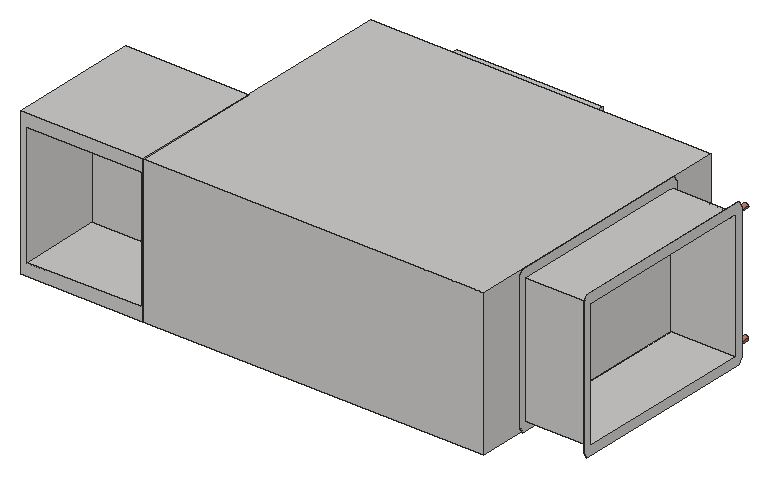
Revit family
Parameters
  Width = 3' - 3"
  Voltage = 120 V
  Unit Weight = if(Number of Rows = 1, "272.0 lbs", if(Number of Rows = 2, "277.0 lbs", "0"))  # "272.0 lbs"
  UltraLoc Liner = Choose Liner Option = 3  # no
  URL = "http://www.titus-hvac.com/"
  UL = "181"
  Supply Air Flow [instance] = 0 CFM
  SteriLoc Liner = Choose Liner Option = 2  # no
  Secondary Material = Copper Connectors
  Primary Air Pressure Drop [instance] = 0.00 in-wg
  Primary Air Flow [instance] = 0 CFM
  Pressure [instance] = 0.00 psi
  Plenum Air Pressure Drop [instance] = 0.00 in-wg
  Plenum Air Flow [instance] = 0 CFM
  Outlet Width = 2' - 1"
  Outlet Height = 1' - 5 1/2"
  Number of Rows = 1
  Number of Poles = 1
  Nominal Width = Width + 0' 6 1/4"  # 3' - 9 1/4"
  Nominal Length = Length + 1' 4 7/8" + 0' 9"  # 6' - 0 5/8"
  Nominal Inlet Size = 1' - 2"
  Nominal Height = 1' - 8"
  NFPA = "90A"
  Motor Full Load Amps [instance] = 8.6 A
  Model = "DTFS-F"
  Min. Air Flow = 0 CFM
  Max. Air Flow = 3000 CFM
  Material = Galvanized Steel
  Manufacturer = "Titus"
  Length = 3' - 10 3/4"
  Juction Box Offset = 0' - 6 7/8"
  Inlet Diameter = Nominal Inlet Size - 0' 0 1/8"  # 1' - 1 7/8"
  Induced Air Inlet Width = 1' - 4 7/8"
  Induced Air Inlet Offset = (Nominal Height - Induced Air Inlet Connection Height) / 2  # 0' - 1 11/16"
  Induced Air Inlet Height = 1' - 6 1/8"
  Induced Air Inlet Connection Width = 1' - 3 3/4"
  Induced Air Inlet Connection Height = 1' - 4 5/8"
  Induced Air Filter = no
  Heating Total Capacity [instance] = 0 Btu/h
  Heating Entering Water Temp = 0 °F
  Half Outlet Width = 1' - 0 1/2"
  Half Outlet Connection Width = Outlet Width / 2  # 1' - 0 1/2"
  Half Outlet Connection Height = Outlet Height / 2  # 0' - 8 3/4"
  Half Height Start = -(Nominal Height / 2)  # -0' - 10"
  Half Height End = Nominal Height / 2  # 0' - 10"
  HWC Option = HWC Section : D-E - 1 Row
  HWC Connector Radius = 5/16"
  HWC Connector Length = 0' - 3"
  HP-Motor = "3/4"
  Gallons Per Minute [instance] = 0 GPM
  Frequency = 60 Hz
  Flange Offset = 0' - 1 1/4"
  Filter Size = "18\"x17\""
  Fiber Free Liner = Choose Liner Option = 1  # no
  Fan Disconnect Switch = no
  Duct Radius = Nominal Inlet Size / 2  # 0' - 7"
  Description = "Ultra Quiet Series Fan Powered Terminal Unit, Direct Digital Control, Pressure Independent"
  Connector Vertical Offset = if(Number of Rows = 1, 1' 4 1/4", if(Number of Rows = 2, 1' 4 3/4", 0' 0"))  # 1' - 4 1/4"
  Connector Horizontal Offset = if(Number of Rows = 1, 0' 0", if(Number of Rows = 2, 0' 1", 0' 0"))  # 0' - 0"
  Connection Void Radius = Connection Radius - 0' 0 1/4"  # 0' - 6 11/16"
  Connection Radius = Inlet Diameter / 2  # 0' - 6 15/16"
  Choose Liner Option = 0
  CADworks URL = "www.CADworks.net"
  Assembly Code = "D3040100"
  Apparent Power [instance] = Voltage * Motor Full Load Amps  # 1032 VA
  Air Inlet Offset = 0' - 10"
  1/2" Fiberglass Liner = Choose Liner Option = 0  # yes
  1" Fiberglass Liner = Choose Liner Option = 4  # no
Reference planes (in)
  plane 1 "Center (Front/Back)": y = 0
  plane 2: z = 0
  plane 3 "Center (Left/Right)": x = 3
  plane 4: x = -20.375
  plane 5: x = 26.375
  plane 6: x = -13.5
  plane 7: x = -23.75
  plane 8 "Center (Elevation)": z = 0
  plane 9: y = -19.5
  plane 10: y = 19.5
  plane 11: y = 9.5
  plane 12: y = -8.25
  plane 13: z = 0.6875
  plane 14: z = -6.875
  plane 15: x = 35.375
  plane 16: x = 34.375
  plane 17: x = 34.375
  plane 18: y = 15.5
  plane 19: z = -8.125
  plane 20: z = 8.125
  plane 21: y = -12.5
  plane 22: y = 12.5
  plane 23: y = 25.75
  plane 24: x = -37.25
  plane 25: z = 10
  plane 26: z = -10
Forms (in)
  Extrusion 1, solid, material "Galvanized Steel" <- "Material"
    sketch origin (0, 0, 0) x (1, 0, 0) y (0, 1, 0)
      loop
        line (-20.375, 19.5) -> (-20.375, -19.5) -> (26.375, -19.5) -> (26.375, 19.5) -> (-20.375, 19.5)
    from -10 <- "Half Height Start" to 10 <- "Half Height End"
  Extrusion 2, solid, material "Galvanized Steel" <- "Material"
    sketch origin (0, 0, 0) x (1, 0, 0) y (0, 1, 0)
      loop
        line (-37.25, -1.375) -> (-37.25, -19.5) -> (-20.375, -19.5) -> (-20.375, -1.375) -> (-37.25, -1.375)
    from -10 <- "Half Height Start" to 10 <- "Half Height End"
  Extrusion 3, void, detail levels fine
    sketch origin (0, -19.5, 0) x (1, 0, 0) y (0, 0, -1)
      loop
        line (-20.625, 8.3125) -> (-36.375, 8.3125) -> (-36.375, -8.3125) -> (-20.625, -8.3125) -> (-20.625, 8.3125)
    from 0 to 11.25
  Extrusion 4, solid, material "Galvanized Steel" <- "Material"
    sketch origin (3.125, 0, 0) x (1, 0, 0) y (0, 1, 0)
      loop
        line (-16.625, 19.5) -> (3.375, 19.5) -> (3.375, 25.75) -> (-16.625, 25.75) -> (-16.625, 19.5)
    from -6 to 6
  Extrusion 5, solid, material "Galvanized Steel" <- "Material"
    sketch origin (-24.875, -3, 0) x (0, 0, -1) y (0, 1, 0)
      loop
        circle (0, 12.5) r 6.9375
    from 1.125 to 4.5
  Extrusion 6, void, detail levels fine
    sketch origin (-24.875, 0, 0) x (0, 1, 0) y (0, 0, 1)
      loop
        circle (9.5, 0) r 6.6875
    from 1.125 to 11.375
  Extrusion 7, void, detail levels fine
    sketch origin (35.375, -12.5, 8.75) x (0, 0, 1) y (0, -1, 0)
      loop
        line (-17.5, 0) -> (-17.5, -25) -> (0, -25) -> (0, 0) -> (-17.5, 0)
    from -0.0625 to 0
  Extrusion 8, solid, material "Copper Connectors" <- "Secondary Material", detail levels fine
    sketch origin (0, 0, 0) x (1, 0, 0) y (0, 0, 1)
      loop
        circle (34.375, 8.125) r 0.3125
    from -15.5 to -12.5625
  Extrusion 9, solid, material "Copper Connectors" <- "Secondary Material", detail levels fine
    sketch origin (0, 0, 0) x (1, 0, 0) y (0, 0, 1)
      loop
        circle (34.375, -8.125) r 0.3125
    from -15.5 to -12.5625
Cuts and joins
  Extrusion 3 cuts Extrusion 2
  Extrusion 6 cuts Extrusion 1
  Extrusion 6 cuts Extrusion 5
Dimensions and locks (in)
  "Length": plane 5 to plane 4
  equal spacing: plane 5, plane 3 "Center (Left/Right)", plane 4
  locked: Extrusion 4 to Extrusion 4 at 20
  "Juction Box Offset": plane 6 to plane 4
  locked: plane 4 to plane 7 at 3.375
  "Width": plane 9 to plane 10
  equal spacing: plane 9, plane 1 "Center (Front/Back)", plane 10
  locked: Extrusion 5 sketch curve to level at 0
  locked: Extrusion 5 sketch curve to plane 11 at 0
  locked: Extrusion 6 sketch curve to level at 0
  locked: Extrusion 6 sketch curve to plane 11 at 0
  locked: Extrusion 4 to Extrusion 4 at 6.25
  locked: Extrusion 4 to Extrusion 4 at 12
  equal spacing: Extrusion 4, plane 8 "Center (Elevation)", Extrusion 4
  locked: plane 12 to plane 9 at 11.25
  "Air Inlet Offset": plane 10 to plane 11
  "Induced Air Inlet Height": cut or joined group of Extrusion 2, Extrusion 3 to cut or joined group of Extrusion 2, Extrusion 3
  locked: cut or joined group of Extrusion 5, Extrusion 6 to cut or joined group of Extrusion 5, Extrusion 6 at 3.375
  locked: plane 12 to plane 12 at 0
  "Induced Air Inlet Connection Height": Extrusion 3 sketch curve to Extrusion 3 sketch curve
  "Induced Air Inlet Offset": Extrusion 3 sketch curve to cut or joined group of Extrusion 2, Extrusion 3
  "Induced Air Inlet Connection Width": Extrusion 3 sketch curve to Extrusion 3 sketch curve
  locked: Extrusion 3 sketch curve to cut or joined group of Extrusion 1, Extrusion 6 at 0.25
  "Connector Vertical Offset": plane 20 to plane 19
  equal spacing: plane 20, plane 8 "Center (Elevation)", plane 19
  locked: plane 15 to plane 5 at 9
  locked: plane 15 to plane 16 at 1
  "Connector Horizontal Offset": plane 16 to plane 17
  locked: Extrusion 8 sketch curve to plane 17 at 0
  locked: Extrusion 8 sketch curve to plane 20 at 0
  locked: Extrusion 9 sketch curve to plane 16 at 0
  locked: Extrusion 9 sketch curve to plane 19 at 0
  "HWC Connector Length": plane 18 to plane 22
  locked: cut or joined group of Extrusion 1, Extrusion 6 to Extrusion 7 at 9
  locked: cut or joined group of Extrusion 2, Extrusion 3 to cut or joined group of Extrusion 2, Extrusion 3 at 16.875
  locked: cut or joined group of Extrusion 2, Extrusion 3 to cut or joined group of Extrusion 2, Extrusion 3 at 20
  equal spacing: cut or joined group of Extrusion 2, Extrusion 3, plane 8 "Center (Elevation)", cut or joined group of Extrusion 2, Extrusion 3
  locked: cut or joined group of Extrusion 1, Extrusion 6 to cut or joined group of Extrusion 1, Extrusion 6 at 20
  equal spacing: cut or joined group of Extrusion 1, Extrusion 6, plane 8 "Center (Elevation)", cut or joined group of Extrusion 1, Extrusion 6
  locked: nested 1 to cut or joined group of Extrusion 1, Extrusion 6 at 1.1875
  locked: cut or joined group of Extrusion 1, Extrusion 6 to nested 1 at 1.1875
  "Connection Radius": radius of Extrusion 5 sketch curve
  "Connection Void Radius": radius of Extrusion 6 sketch curve
  "HWC Connector Radius": radius of Extrusion 8 sketch curve
  "HWC Connector Radius": radius of Extrusion 9 sketch curve
  aligned and locked: plane 10 to Extrusion 4
  aligned and locked: plane 6 to Extrusion 4
  aligned and locked: plane 7 to cut or joined group of Extrusion 5, Extrusion 6
  aligned and locked: plane 18 to Extrusion 8
  aligned and locked: plane 18 to Extrusion 9
  aligned and locked: plane 9 to cut or joined group of Extrusion 2, Extrusion 3  (x3)
  aligned and locked: plane 5 to nested 1
  aligned and locked: plane 15 to nested 1
  aligned and locked: plane 18 to nested 1  (x2)
  aligned and locked: plane 21 to nested 1
  aligned and locked: plane 22 to nested 1
  aligned and locked: plane 5 to cut or joined group of Extrusion 1, Extrusion 6
  aligned and locked: cut or joined group of Extrusion 1, Extrusion 6 to nested 1
  aligned and locked: cut or joined group of Extrusion 1, Extrusion 6 to plane 10
  aligned and locked: Extrusion 4 to cut or joined group of Extrusion 1, Extrusion 6  (x2)
  aligned and locked: cut or joined group of Extrusion 1, Extrusion 6 to plane 4
  aligned and locked: plane 9 to cut or joined group of Extrusion 1, Extrusion 6
  aligned and locked: cut or joined group of Extrusion 5, Extrusion 6 to cut or joined group of Extrusion 1, Extrusion 6
  aligned and locked: nested 1 to cut or joined group of Extrusion 1, Extrusion 6
  aligned and locked: plane 6 to Extrusion 6
  aligned and locked: Extrusion 6 to plane 7
  aligned and locked: Extrusion 3 to plane 12
  aligned and locked: plane 23 to Extrusion 4
  aligned and locked: plane 24 to cut or joined group of Extrusion 2, Extrusion 3
  aligned and locked: plane 25 to cut or joined group of Extrusion 2, Extrusion 3
  aligned and locked: plane 26 to cut or joined group of Extrusion 2, Extrusion 3
  aligned and locked: plane 26 to cut or joined group of Extrusion 1, Extrusion 6
  aligned and locked: plane 25 to cut or joined group of Extrusion 1, Extrusion 6
Automatic sketch dimensions
  Extrusion 1 sketch curve to plane 4 = 0' - 0"
  Extrusion 1 sketch curve to plane 5 = 0' - 0"
  Extrusion 1 sketch curve to plane 9 = 0' - 0"
  Extrusion 1 sketch curve to plane 10 = 0' - 0"
  Extrusion 2 sketch curve to plane 4 = 0' - 0"
  Extrusion 2 sketch curve to plane 9 = 0' - 0"
  plane 1 "Center (Front/Back)" to Extrusion 2 sketch curve = 0' - 1 3/8"
  Extrusion 4 sketch curve to plane 6 = 0' - 0"
  Extrusion 4 sketch curve to plane 10 = 0' - 0"
  plane 3 "Center (Left/Right)" to Extrusion 4 sketch curve = 0' - 3 1/2"
  Extrusion 4 sketch curve to plane 10 = 0' - 6 1/4"
  Extrusion 2 sketch curve to plane 7 = 1' - 1 1/2"
  Extrusion 7 sketch curve to nested 1 = 0' - 0"  (x4)
Nested families (in)
  nested 1: "HWC Section" at (30.875, 0, 0) x (0, 1, 0) z (0, 0, 1), type <- "HWC Option", type "D-E - 1 Row"
Connectors (in)
  electrical at (-3.5, 25.75, 0), driven by "Apparent Power", driven by "Voltage", driven by "Number of Poles"
    settings: on Extrusion 4, index 8
  hvac at (-23.75, 9.5, 0), driven by "Duct Radius", driven by "Primary Air Pressure Drop", driven by "Primary Air Flow"
    settings: on cut or joined group of Extrusion 5, Extrusion 6, index 9
  hvac at (-28.5, -19.5, 0), driven by "Induced Air Inlet Connection Height", driven by "Induced Air Inlet Connection Width", driven by "Plenum Air Pressure Drop", driven by "Plenum Air Flow"
    settings: on cut or joined group of Extrusion 2, Extrusion 3, index 11
  hvac at (35.375, 0, 0), driven by "Outlet Height", driven by "Outlet Width", driven by "Supply Air Flow"
    settings: on Extrusion 7, index 12
  piping at (34.375, 15.5, 8.125), driven by "Gallons Per Minute", driven by "Pressure", driven by "HWC Connector Radius"
    settings: on Extrusion 8, index 13
  piping at (34.375, 15.5, -8.125), driven by "Gallons Per Minute", driven by "HWC Connector Radius", driven by "Pressure"
    settings: on Extrusion 9, index 14
Definition of nested family "HWC Section"
  Parameters (values of type "B-C - 1 Row")
    Visibility = yes
    Secondary Material = Copper Connectors
    Number of Rows = 1
    Material = Galvanized Steel
    Half Width = HWC Width / 2  # 0' - 10 1/4"
    Half Length-Start = -(HWC Length / 2)  # -0' - 4 1/2"
    Half Length-End = HWC Length / 2  # 0' - 4 1/2"
    HWC Connection Radius = 5/16"
    Flange Offset = 0' - 1"
    Duct Vertical Offset = HWC Height - 0' 0 1/2"  # 1' - 0"
    Duct Horizontal Offset = HWC Width - 0' 0 1/2"  # 1' - 8"
    Connector Vertical Offset = 0' - 11 3/4"
    HWC Width = 1' - 8 1/2"
    HWC Height = 1' - 0 1/2"
    HWC Length = 0' - 9"  # constant formula
    Gallons Per Minute = 0 GPM
    Connector Length = 0' - 3"
    Connector Horizontal Offset = 0' - 0"
  Types (5): name | Number of Rows | Half Width | Flange Offset | Duct Vertical Offset | Duct Horizontal Offset | Connector Vertical Offset | HWC Width | HWC Height | Connector Horizontal Offset
    (no name) | 1 | 0' - 10 1/4" | 0' - 1" | 1' - 0" | 1' - 8" | 0' - 11 3/4" | 1' - 8 1/2" | 1' - 0 1/2" | 0' - 0"
    B-C - 1 Row | 1 | 0' - 10 1/4" | 0' - 1" | 1' - 0" | 1' - 8" | 0' - 11 3/4" | 1' - 8 1/2" | 1' - 0 1/2" | 0' - 0"
    B-C - 2 Row | 2 | 0' - 10 1/4" | 0' - 1" | 1' - 0" | 1' - 8" | 0' - 11 3/4" | 1' - 8 1/2" | 1' - 0 1/2" | 0' - 1"
    D-E - 1 Row | 1 | 1' - 0 1/2" | 0' - 1 1/4" | 1' - 5" | 2' - 0 1/2" | 1' - 4 1/4" | 2' - 1" | 1' - 5 1/2" | 0' - 0"
    D-E - 2 Row | 2 | 1' - 0 1/2" | 0' - 1 1/4" | 1' - 5" | 2' - 0 1/2" | 1' - 4 3/4" | 2' - 1" | 1' - 5 1/2" | 0' - 1"
  Reference planes (in)
    plane 1 "Center (Front/Back)": y = 0
    plane 2: z = 0
    plane 3 "Center (Left/Right)": x = 0
    plane 4: x = -10.25
    plane 5: x = 10.25
    plane 6: y = 4.5
    plane 7: y = -4.5
    plane 8: z = 6.25
    plane 9: z = -6.25
    plane 10: z = 5.875
    plane 11: z = -5.875
    plane 12: y = 3.5
    plane 13: y = 3.5
    plane 14: x = 13.25
  Forms (in)
    Extrusion 1, solid, material "Galvanized Steel" <- "Material", visible <- "Visibility"
      sketch origin (0, 0, 0) x (1, 0, 0) y (0, 0, 1)
        loop
          line (-10.3125, 6.3125) -> (-10.3125, -6.3125) -> (10.3125, -6.3125) -> (10.3125, 6.3125) -> (-10.3125, 6.3125)
      from -4.375 <- "Half Length-Start" to 4.5 <- "Half Length-End"
    Extrusion 2, void, detail levels fine
      sketch origin (0, 0, 0) x (1, 0, 0) y (0, 0, 1)
        loop
          line (-10.25, -6.25) -> (10.25, -6.25) -> (10.25, 6.25) -> (-10.25, 6.25) -> (-10.25, -6.25)
      from -4.5 <- "Half Length-Start" to 4.5 <- "Half Length-End"
    Extrusion 3, solid, material "Copper Connectors" <- "Secondary Material", visible <- "Visibility"
      sketch origin (6, 2.625, 0) x (0, 1, 0) y (0, 0, 1)
        loop
          circle (0.875, -5.875) r 0.3125
      from 4.3125 to 7.25
    Extrusion 4, solid, material "Galvanized Steel" <- "Material", visible <- "Visibility"
      sketch origin (0, -4.375, 0) x (1, 0, 0) y (0, 0, 1)
        loop
          line (-10.25, 6.25) -> (-10.25, -6.25) -> (10.25, -6.25) -> (10.25, 6.25) -> (-10.25, 6.25)
        loop
          line (-11.25, 6.75) -> (-11.25, -6.75) -> (-10.75, -7.25) -> (10.75, -7.25) -> (11.25, -6.75) -> (11.25, 6.75) -> (10.75, 7.25) -> (-10.75, 7.25) -> (-11.25, 6.75)
      from 0 to 0.125
    Extrusion 5, solid, material "Copper Connectors" <- "Secondary Material", visible <- "Visibility"
      sketch origin (6, -0.5, 0) x (0, 1, 0) y (0, 0, 1)
        loop
          circle (4, 5.875) r 0.3125
      from 4.3125 to 7.25
    Extrusion 6, solid, material "Galvanized Steel" <- "Material", visible <- "Visibility"
      sketch origin (0, 4.375, 0) x (1, 0, 0) y (0, 0, -1)
        loop
          line (-10.25, -6.25) -> (10.25, -6.25) -> (10.25, 6.25) -> (-10.25, 6.25) -> (-10.25, -6.25)
        loop
          line (-11.25, -6.75) -> (-10.75, -7.25) -> (10.75, -7.25) -> (11.25, -6.75) -> (11.25, 6.75) -> (10.75, 7.25) -> (-10.75, 7.25) -> (-11.25, 6.75) -> (-11.25, -6.75)
      from 0 to 0.125
  Cuts and joins
    Extrusion 2 cuts Extrusion 1
    joined: Extrusion 1, Extrusion 4, Extrusion 6
  Dimensions and locks (in)
    "HWC Width": plane 4 to plane 5
    equal spacing: plane 4, plane 3 "Center (Left/Right)", plane 5
    "HWC Height": plane 8 to plane 9
    equal spacing: plane 8, plane 2, plane 9
    equal spacing: plane 10, plane 2, plane 11
    locked: plane 12 to plane 6 at 1
    "Connector Horizontal Offset": plane 13 to plane 12
    locked: plane 7 to Extrusion 4 at 0.125
    locked: Extrusion 6 to plane 6 at 0.125
    locked: plane 4 to Extrusion 1 sketch curve at 0.0625
    locked: Extrusion 4 to Extrusion 1 sketch curve at 0.0625
    locked: Extrusion 1 sketch curve to plane 8 at 0.0625
    locked: plane 9 to Extrusion 1 sketch curve at 0.0625
    "Connector Length": plane 5 to plane 14
    "HWC Length": plane 6 to plane 7
    equal spacing: plane 6, plane 1 "Center (Front/Back)", plane 7
    "Connector Vertical Offset": plane 10 to plane 11
    equal spacing: plane 10, level, plane 11
    "HWC Width": Extrusion 4 sketch curve to Extrusion 4 sketch curve
    equal spacing: Extrusion 4 sketch curve, plane 3 "Center (Left/Right)", Extrusion 4 sketch curve
    "HWC Height": Extrusion 4 sketch curve to Extrusion 4 sketch curve
    equal spacing: Extrusion 4 sketch curve, plane 2, Extrusion 4 sketch curve
    locked: cut or joined group of Extrusion 1, Extrusion 2, Extrusion 4, Extrusion 6 to plane 4 at 1  (x2)
    locked: cut or joined group of Extrusion 1, Extrusion 2, Extrusion 4, Extrusion 6 to plane 5 at 1  (x2)
    "HWC Width": Extrusion 6 sketch curve to Extrusion 6 sketch curve
    "HWC Height": Extrusion 6 sketch curve to Extrusion 6 sketch curve
    equal spacing: Extrusion 6 sketch curve, plane 3 "Center (Left/Right)", Extrusion 6 sketch curve
    equal spacing: Extrusion 6 sketch curve, plane 2, Extrusion 6 sketch curve
    "HWC Height": Extrusion 2 sketch curve to Extrusion 2 sketch curve
    "HWC Width": Extrusion 2 sketch curve to Extrusion 2 sketch curve
    equal spacing: Extrusion 2 sketch curve, plane 3 "Center (Left/Right)", Extrusion 2 sketch curve
    equal spacing: Extrusion 2 sketch curve, plane 2, Extrusion 2 sketch curve
    locked: plane 5 to Extrusion 3 at 0.0625
    locked: plane 5 to Extrusion 5 at 0.0625
    "Flange Offset": cut or joined group of Extrusion 1, Extrusion 2, Extrusion 4, Extrusion 6 to plane 8
    "Flange Offset": plane 9 to cut or joined group of Extrusion 1, Extrusion 2, Extrusion 4, Extrusion 6
    "Flange Offset": plane 8 to cut or joined group of Extrusion 1, Extrusion 2, Extrusion 4, Extrusion 6
    "Flange Offset": cut or joined group of Extrusion 1, Extrusion 2, Extrusion 4, Extrusion 6 to plane 9
    "HWC Connection Radius": radius of Extrusion 3 sketch curve
    "HWC Connection Radius": radius of Extrusion 5 sketch curve
    aligned and locked: plane 7 to Extrusion 4
    aligned and locked: plane 6 to Extrusion 6
    aligned and locked: plane 14 to Extrusion 5
    aligned and locked: plane 14 to Extrusion 3
    aligned and locked: Extrusion 6 to cut or joined group of Extrusion 1, Extrusion 2, Extrusion 4, Extrusion 6
    aligned and locked: Extrusion 4 to Extrusion 4
  Automatic sketch dimensions
    Extrusion 3 sketch curve to plane 11 = 0' - 0"
    Extrusion 3 sketch curve to plane 12 = 0' - 0"
    Extrusion 5 sketch curve to plane 10 = 0' - 0"
    Extrusion 5 sketch curve to plane 13 = 0' - 0"
    plane 4 to Extrusion 6 sketch curve = 0' - 1"
    plane 4 to Extrusion 6 sketch curve = 0' - 0 1/2"  (x2)
    Extrusion 6 sketch curve to plane 5 = 0' - 0 1/2"  (x2)
    Extrusion 6 sketch curve to Extrusion 6 sketch curve = 0' - 0 1/2"  (x3)
    plane 8 to Extrusion 6 sketch curve = 0' - 0 1/2"  (x2)
    Extrusion 6 sketch curve to plane 9 = 0' - 0 1/2"  (x2)
    plane 4 to Extrusion 4 sketch curve = 0' - 0 1/2"  (x2)
    Extrusion 4 sketch curve to Extrusion 4 sketch curve = 0' - 0 1/2"  (x4)
    Extrusion 4 sketch curve to plane 5 = 0' - 0 1/2"  (x2)
    Extrusion 4 sketch curve to plane 9 = 0' - 0 1/2"  (x2)
    plane 8 to Extrusion 4 sketch curve = 0' - 0 1/2"  (x2)
